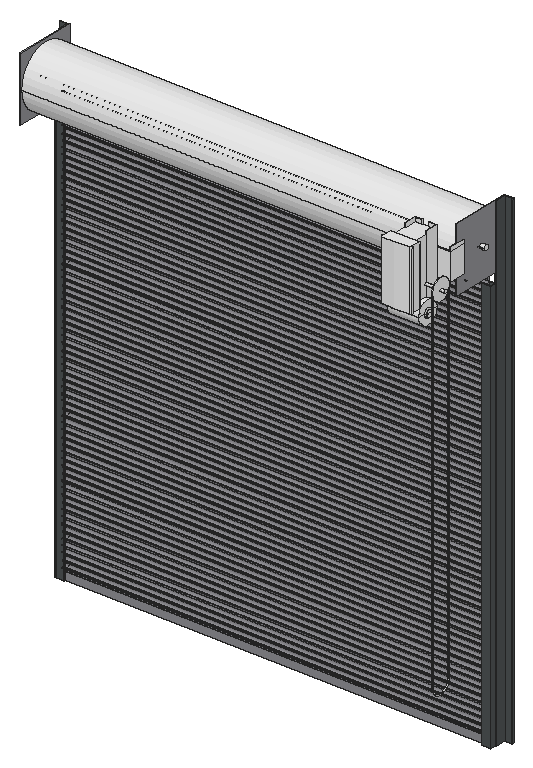
Revit family "Fire-Rated-Service-Doors_OHD_Model-630_compact", category Specialty Equipment, host Wall, Revit 2023
Family settings
  Host = Wall
  Round Connector Dimension = Use Diameter
  Part Type = Normal
  OmniClass Number = 23.30.10.21.34
  OmniClass Title = Industrial Doors
  Enable Cutting in Views = No
  Always vertical = Yes
  Cut with Voids When Loaded = Yes
  Maintain Annotation Orientation = No
  Shared = No
  Room Calculation Point = No
Parameters (values of type "115 volts, one phase, 60 Hz (110-120V range)")
  Width Count [instance] = if(or(Opening Width < 168", Opening Width = 168"), 14, if(or(Opening Width < 240", Opening Width = 240"), 20, 24))  # 14
  Warning Sign [instance] = if(Calculated Area > 683.00 SF, 1 = 1, 1 = 2)  # no
  Warning (Note) [instance] = if(Warning Sign, "The Door Area is out of the limit; please adjust accordingly. The maximum allowed area is 683 sq. ft.", if(HC Warning = 1, "Headroom Clearance Dimensions - out of the limits. Consult Factory", " "))  # " "
  Wall Thickness [instance] = 6"
  Voltage = 115 V
  Version = "1.00.01"  # constant formula
  True Opening Width [instance] = if(Between Jambs Mounting, Door Width True, Clear Width)  # 120"
  True Opening Height [instance] = if(Between Jambs Mounting, Clear Height + Headroom Height, Clear Height)  # 120"
  Slat Type [instance] = if(Slat Option < 2, "C-187", if(Slat Option = 2, "C-275", "F-265"))  # "C-187"
  Slat Option [instance] = 1
  Slat Material [instance] = Steel - Overhead Door - Gray
  Slat Length [instance] = if(Between Jambs Mounting, Clear Width + 1 13/16" * 2, Clear Width + 1 9/16" * 2 + 1/4" * 2)  # 123 5/8"
  Slat Height [instance] = if(Slat < 2, 11 9/32", if(Slat = 2, 13 3/4", 13 19/128"))  # 11 9/32"
  Slat [instance] = if(Slat Option < 2, 1, if(Slat Option = 2, 2, 3))  # 1
  Product Page URL = "https://www.overheaddoor.com/fire-rated-service-doors-630"
  Power Factor = 1
  Powder Coat (Note) = "PowderGuard® Premium powder coat finish options are available in approximately 200 colors as well as custom matching to specification. PowderGuard® Textured finish, a thicker, more scratch resistant coat, is available in 11 colors providing enhanced scratch resistance as well as aiding in hiding the dirt and blemishes that often occur in commercial environments.​"  # constant formula
  Operator Visibility = yes
  Operation (Note) [instance] = "Door could operate by manual push, crank, electrical operator or chain hoist. Manual push up and crank could be used up to 80 sf, for larger door sizes you have to use Chain Hoist operator."  # constant formula
  Opening Width Real [instance] = if(Opening Width > Max Opening Width, Max Opening Width, if(Opening Width < Min Opening Width, Min Opening Width, Opening Width))  # 120"
  Opening Width [instance] = 120"
  Opening Height Real [instance] = if(Opening Height > Max Opening Height, Max Opening Height, if(Opening Height < Min Opening Height, Min Opening Height, Opening Height))  # 120"
  Opening Height [instance] = 120"
  One Array element [instance] = not(Array Vis)  # no
  Number of Poles = 1
  Motor Type [instance] = if(Between Jambs Mounting, "RSX FDO Front of Hood", if(Motor Option < 2, "RSX FDO Front of Hood", if(Motor Option = 2, "RSX FDO Top of Hood", if(Motor Option = 3, "RSX Wall Mount", "RSX Bench Mount"))))  # "RSX FDO Front of Hood"
  Motor Selection (Note) [instance] = "Generic operator shown. Contact Overhead Door when dimensions are critical. "  # constant formula
  Motor Position [instance] = if(Between Jambs Mounting, BJ Displacement Real, 2 1/2")  # 2 1/2"
  Motor Option Real [instance] = if(Between Jambs Mounting, 1, if(Motor Option < 1, 1, if(Motor Option > 4, 4, Motor Option)))  # 1
  Motor Option [instance] = 1
  Min Opening Width [instance] = if(Between Jambs Mounting, 18" + BJ Displacement Real * 2 + 2 3/4" * 2, 18")  # 18"
  Min Opening Height [instance] = if(Between Jambs Mounting, 24" + Headroom Height, 24")  # 24"
  Max Opening Width [instance] = 494"  # constant formula
  Max Opening Height [instance] = 304"  # constant formula
  Lookup Table = "Hood Dimensions"  # constant formula
  Lookup BD [instance] = size_lookup(Lookup Table, if(Slat = 1, "A1", if(Slat = 2, "A2", "A3")), 10", Width Count, Height Count)  # 17 1/2"
  Jambs Offset [instance] = if(Between Jambs Mounting, BJ Displacement Real + 2 3/4", 0")  # 0"
  Installation Real [instance] = if(Between Jambs Mounting, Wall Thickness / 2 - Guid Depth / 2, Wall Thickness)  # 6"
  Hood Type [instance] = if(Hood Option < 2, "No Hood", if(Hood Option = 2, "Square Hood", if(Hood Option = 3, "Octagon Hood", "Round Hood")))  # "No Hood"
  Hood Option [instance] = 1
  Hood Offset [instance] = if(Chain Hoist or Manual, 1", 3")  # 3"
  Hood Material [instance] = Metal - Overhead Door - Gray
  Hood Height [instance] = if(Between Jambs Mounting, Headroom Height - Hood Offset, if(Hood Option > 1, Headroom Height - Hood Offset - 1 1/2", Headroom Height - Hood Offset))  # 18 5/8"
  Height Count [instance] = if(Slat = 1, HC 1, if(Slat = 2, HC 2, HC 3))  # 10
  Lookup HH [instance] = size_lookup(Lookup Table, if(Slat = 1, "B1", if(Slat = 2, "B2", "B3")), 10", Width Count, Height Count)  # 19 5/8"
  Headroom Height [instance] = if(Chain Hoist or Manual, Lookup HH, Lookup HH + 2")  # 21 5/8"
  HC Warning [instance] = size_lookup(Lookup Table, if(Slat = 1, "W1", if(Slat = 2, "W2", "W3")), 0, Width Count, Height Count)  # 0
  HC 3 [instance] = if(or(Opening Height < 120", Opening Height = 120"), 10, if(or(Opening Height < 168", Opening Height = 168"), 14, if(or(Opening Height < 192", Opening Height = 192"), 16, if(or(Opening Height < 216", Opening Height = 216"), 18, if(or(Opening Height < 228", Opening Height = 228"), 19, if(or(Opening Height < 252", Opening Height = 252"), 21, 24))))))  # 10
  HC 2 [instance] = if(or(Opening Height < 120", Opening Height = 120"), 10, if(or(Opening Height < 132", Opening Height = 132"), 11, if(or(Opening Height < 168", Opening Height = 168"), 14, if(or(Opening Height < 192", Opening Height = 192"), 16, if(or(Opening Height < 216", Opening Height = 216"), 18, if(or(Opening Height < 228", Opening Height = 228"), 19, if(or(Opening Height < 252", Opening Height = 252"), 21, 24)))))))  # 10
  HC 1 [instance] = if(or(Opening Height < 120", Opening Height = 120"), 10, if(or(Opening Height < 252", Opening Height = 252"), 21, 24))  # 10
  Guide Type [instance] = if(Between Jambs Mounting, "Angled Between Jambs Z Guide", "Angled Z Guide")  # "Angled Z Guide"
  Guide Option [instance] = if(Between Jambs Mounting, 1, 2)  # 2
  Guid Depth [instance] = 5"  # constant formula
  Frequency = 60 Hz
  Face of Wall Offset [instance] = if(Between Jambs Mounting, 0", 5")  # 5"
  Face Of Wall Mounting [instance] = not(Between Jambs Mounting)  # yes
  Door Width True [instance] = if(Between Jambs Mounting, Clear Width + BJ Displacement Real * 2 + 2 3/4" * 2, Clear Width + 5 3/4" * 2)  # 131 1/2"
  Door Width (Real) [instance] = if(Between Jambs Mounting, Clear Width, Clear Width + 1" / 2)  # 120 1/2"
  Door Height True [instance] = Clear Width + Headroom Height  # 141 5/8"
  Door Height (Real) [instance] = Clear Height + Hood Offset  # 123"
  URL = "https://www.overheaddoor.com/"
  Product data url = "https://www.bimobject.com/overhead-door/product/fire-rated-service-doors-630"
  Product Guid = "893640db-7c23-4269-adba-346e23f14021"
  Model = "630"  # constant formula
  Manufacturer = "Overhead Door Corporation"  # constant formula
  Wall Closure = By host
  Floor To (CL) of Shaft [instance] = Clear Height + Hood Height / 2 + Hood Offset  # 132 5/16"
  Finish Material = Finish - Overhead Door - Black
  Description = "FireKing Model 630 Rolling Fire Door"  # constant formula
  Default Elevation = 0"
  Date Updated = "2026/05/29"  # constant formula
  Clear Width [instance] = if(Between Jambs Mounting, Opening Width Real - BJ Displacement Real * 2 - 2 3/4" * 2, Opening Width Real)  # 120"
  Clear Height [instance] = if(Between Jambs Mounting, Opening Height Real - Headroom Height, Opening Height Real)  # 120"
  Chain Hoist or Manual = no
  Current = 20 A
  Connector Array Distance = 0"  # constant formula
  Connector Array = if(Chain Hoist or Manual, 2, 3)  # 3
  BimObject_Variable_Connectors = "No"  # constant formula
  Between Jambs Mounting [instance] = no
  Between Jambs Guides Offset [instance] = 3"
  Bar [instance] = if(and(Hood Option > 1, Face Of Wall Mounting), 1 = 1, 1 = 2)  # no
  Backroom Depth [instance] = Lookup BD  # 17 1/2"
  BJ Opening Cut [instance] = if(Between Jambs Mounting, Headroom Height, 0")  # 0"
  BJ Displacement Real [instance] = if(Between Jambs Mounting, if(Between Jambs Guides Offset < 3", 3", if(Between Jambs Guides Offset > 6 3/4", 6 3/4", Between Jambs Guides Offset)), 0")  # 0"
  Array Vis [instance] = if(Array < 2, 1 = 2, 1 = 1)  # yes
  Array Real [instance] = if(Array < 2, 2, Array)  # 11
  Array Length [instance] = (Array) * Slat Height  # 124 3/32"
  Array [instance] = rounddown(([Door Height (Real)]) / Slat Height) + 1  # 11
  Calculated Area [instance] = [Door Width (Real)] * [Door Height (Real)]  # 102.927 SF
  Apparent Load Phase 3 = if(Number of Poles = 1, 0 VA, (Voltage * Current * sqrt(3)) / 3)  # 0 VA
  Apparent Load Phase 2 = if(Number of Poles = 1, 0 VA, (Voltage * Current * sqrt(3)) / 3)  # 0 VA
  Apparent Load Phase 1 = if(Number of Poles = 1, Voltage * Current, (Voltage * Current * sqrt(3)) / 3)  # 2300 VA
Reference planes (in)
  plane 1 "Center (Front/Back)": y = -14.625
  plane 2 "Center (Left/Right)": x = 0
  plane 3 "Left": x = -60
  plane 4 "Right": x = 60
  plane 5 "Exterior": y = -8.625
  plane 6 "Interior": y = -14.625
  plane 7: x = 65.75
  plane 8: x = -65.75
  plane 9: z = 120
  plane 10 "Main": y = -18.98437
  plane 11 "Backroom Depth": y = -32.125
  plane 12 "Main Door Block": y = -14.625
  plane 13 "Bottom Bar": z = 2.75
  plane 14: y = -19.625
  plane 15: z = 126.84375
  plane 16: z = 141.625
  plane 17: z = 123
  plane 18: z = 143.125
  plane 19: z = 0
  plane 20: z = 60
  plane 21: y = -18.7185
  plane 22: y = 18.375
  plane 23: y = -41.625
  plane 24 "Double Main": y = -18.406
  plane 25 "Headroom Top": z = 141.625
  plane 26: z = 132.3125
  plane 27: x = 63.25
  plane 28: x = -63.25
Forms (in)
  Extrusion 1, void
    sketch origin (0, -14.625, 0) x (0, 0, -1) y (-1, 0, 0)
      loop
        line (-120, 60) -> (-120, -60) -> (0, -60) -> (0, 60) -> (-120, 60)
    from 0 to 6
  Extrusion 2, solid, material "Metal - Overhead Door - Gray" <- "Hood Material", visible <- "Bar"
    sketch origin (0, 0, 0) x (0, 1, 0) y (0, 0, 1)
      loop
        line (-14.875, 141.625) -> (-14.625, 141.625) -> (-14.625, 143.125) -> (-14.875, 143.125) -> (-14.875, 141.625)
    from -63 to 63
Lines and regions (in)
  symbolic lines, visible <- "Bar"
    curve 1: line (63, -14.625, 0) -> (-63, -14.625, 0)
    curve 2: line (-63, -14.875, 0) -> (63, -14.875, 0)
Text (in)
  text "Exterior" at (-74.96733, 27.31104, 0), in view "Ref. Level"
  text "Interior" at (-74.96733, -25.14366, 0), in view "Ref. Level"
  text "Exterior" at (0, 40.15149, 123.01588), in view "Right"
  text "Interior" at (0, -64.39139, 123.01588), in view "Right"
  text "Interior" at (0, -31.01599, 123.00693), in view "Left"
  text "Exterior" at (0, 54.57065, 123.00693), in view "Left"
Dimensions and locks (in)
  equal spacing: plane 3 "Left", plane 2 "Center (Left/Right)", plane 4 "Right"
  "Clear Width": plane 3 "Left" to plane 4 "Right"
  level to host wall = 459.59655"
  "Clear Height": level to plane 9
  plane 7 to plane 8 = 131 1/2"
  equal spacing: plane 7, plane 2 "Center (Left/Right)", plane 8
  locked: plane 13 "Bottom Bar" to level at 2.75
  "Door Width True": plane 7 to plane 8
  "Guid Depth": plane 14 to plane 12 "Main Door Block"
  locked: plane 14 to plane 10 "Main" at 0.64063
  equal spacing: group 1, group 3, group 4, group 5, group 6, group 7, group 8, group 9, group 10, group 11, group 2  (x3)
  "Array Length": plane 15 to plane 13 "Bottom Bar"
  "Backroom Depth": plane 11 "Backroom Depth" to plane 12 "Main Door Block"
  "Hood Height": plane 16 to plane 17
  locked: plane 18 to plane 16 at 1.5
  locked: Extrusion 2 sketch curve to Extrusion 2 sketch curve at 0.25
  "Installation Real": plane 1 "Center (Front/Back)" to plane 5 "Exterior"
  "Wall Thickness": host wall to host wall
  equal spacing: plane 9, plane 20, plane 19
  locked: plane 10 "Main" to plane 21 at 0.26587
  equal spacing: plane 22, host wall, plane 23
  locked: plane 22 to plane 23 at 60
  locked: plane 10 "Main" to plane 24 "Double Main" at 0.57837
  "BJ Opening Cut": Extrusion 1 sketch curve to plane 9
  locked: Extrusion 2 sketch curve to Extrusion 2 sketch curve at 1.5
  "Hood Offset": plane 17 to plane 9
  "Headroom Height": plane 25 "Headroom Top" to plane 9
  "Floor To (CL) of Shaft": plane 26 to level
  "Jambs Offset": plane 4 "Right" to Extrusion 1 sketch curve
  "Jambs Offset": Extrusion 1 sketch curve to plane 3 "Left"
  "Motor Position": plane 7 to plane 27
  "Motor Position": plane 28 to plane 8
  locked: plane 28 to Extrusion 2 at 0.25
  locked: Extrusion 2 to plane 27 at 0.25
  aligned and locked: plane 5 "Exterior" to host wall
  aligned and locked: host wall to plane 6 "Interior"
  aligned and locked: level to Extrusion 1 sketch curve
  aligned and locked: Extrusion 1 to plane 5 "Exterior"
  aligned and locked: plane 6 "Interior" to Extrusion 1
  aligned and locked: nested 1 to plane 10 "Main"
  aligned and locked: nested 2 to plane 10 "Main"
  aligned and locked: plane 13 "Bottom Bar" to nested 1
  aligned and locked: nested 3 to plane 2 "Center (Left/Right)"
  aligned and locked: plane 16 to nested 4
  aligned and locked: nested 3 to level
  aligned and locked: Extrusion 2 sketch curve to plane 18
  aligned and locked: plane 6 "Interior" to Extrusion 2 sketch curve
  aligned and locked: curve 1 to Extrusion 2  (x2)
  aligned and locked: curve 2 to Extrusion 2  (x2)
  aligned and locked: Extrusion 2 to curve 2
  aligned and locked: plane 12 "Main Door Block" to plane 1 "Center (Front/Back)"
  aligned and locked: plane 5 "Exterior" to nested 4
  aligned and locked: level to plane 19
  aligned and locked: plane 15 to nested 2
  aligned and locked: nested 3 to plane 1 "Center (Front/Back)"
  aligned and locked: plane 2 "Center (Left/Right)" to nested 5
  aligned and locked: nested 5 to plane 22
  aligned and locked: plane 23 to nested 6
  aligned and locked: nested 6 to plane 2 "Center (Left/Right)"
  aligned and locked: nested 7 to plane 20
  aligned and locked: plane 2 "Center (Left/Right)" to nested 7
  aligned and locked: nested 7 to plane 10 "Main"
  aligned and locked: plane 13 "Bottom Bar" to nested 8
  aligned and locked: plane 2 "Center (Left/Right)" to nested 8
  aligned and locked: nested 8 to plane 10 "Main"
  aligned and locked: nested 4 to plane 27
  aligned and locked: plane 2 "Center (Left/Right)" to nested 1
  aligned and locked: plane 2 "Center (Left/Right)" to nested 9
Automatic sketch dimensions
  curve 1 to curve 2 = 0"
Nested families (in)
  nested 1: "Slat" at (0, -18.98437, 2.75), visible <- "Array Vis", type "Slat"
  nested 2: "Slat" at (0, -18.98437, 115.56375), visible <- "Array Vis", type "Slat"
  nested 3: "Lifts" at (0, -14.625, 0), type "Frame Unit"
    with Square Hood no, Round Hood no, Octagon Hood no, No Hood yes, Hood Offset 3", Hood Height 18 5/8", Half Hood Height 18 5/8", Floor To (CL) of Shaft 132 5/16"
  nested 4: "Motor" at (56.3705, -39.705, 121.2425), visible <- "Operator Visibility", type "Trolley Motor"
  nested 5: "Label Annotation 1" at (0, 18.375, 0), visible <- "Warning Sign", type "Label Annotation 1"
  nested 6: "Label Annotation 1" at (0, -41.625, 0) x (-1, 0, 0) z (0, 0, 1), visible <- "Warning Sign", type "Label Annotation 1"
  nested 7: "Warning Sign" at (0, -18.98437, 60), visible <- "Warning Sign", type "Warning Sign"
    with Warning Sign no
  nested 8: "Slat" at (0, -18.98437, 2.75), visible <- "One Array element", type "Slat"
  nested 9: "Slat" at (0, -18.98437, 14.03137), visible <- "Array Vis", type "Slat"
  nested 10: "Slat" at (0, -18.98437, 25.31275), visible <- "Array Vis", type "Slat"
  nested 11: "Slat" at (0, -18.98437, 36.59412), visible <- "Array Vis", type "Slat"
  nested 12: "Slat" at (0, -18.98437, 47.8755), visible <- "Array Vis", type "Slat"
  nested 13: "Slat" at (0, -18.98437, 59.15687), visible <- "Array Vis", type "Slat"
  nested 14: "Slat" at (0, -18.98437, 70.43825), visible <- "Array Vis", type "Slat"
  nested 15: "Slat" at (0, -18.98437, 81.71963), visible <- "Array Vis", type "Slat"
  nested 16: "Slat" at (0, -18.98437, 93.001), visible <- "Array Vis", type "Slat"
  nested 17: "Slat" at (0, -18.98437, 104.28238), visible <- "Array Vis", type "Slat"
Connectors (in)
  electrical at (59.3585, -38.31077, 131.8123), driven by "Apparent Load Phase 1", driven by "Number of Poles", driven by "Power Factor", driven by "Voltage", driven by "Apparent Load Phase 2", driven by "Apparent Load Phase 3"
    settings: on nested 4, index 1, voltage 115 V, apparent load 0 VA, apparent load phase1 2300 VA, apparent load phase2 0 VA, apparent load phase3 0 VA, power factor 1, load classification "Other", number of poles 1, system type 31, power factor state 1, is connector primary yes, connector utility no, sub classification motor no, connector description "Electrical Connector"
Definition of nested family "Slat"
  Parameters (values of type "Slat")
    Slat Width = if(Slat Option < 2, 0.53", if(Slat Option = 2, 0.88", 0.63"))  # 0.53"
    Slat Position = if(Slat Option < 2, 1.88" * 6, if(Slat Option = 2, 2 3/4" * 5, 2.63" * 5))  # 11.28"
    Slat Option = 1
    Panel Material = none
    Opening Width = 123 5/8"
    F 265 = if(Slat Option > 2, 1 = 1, 1 = 2)  # no
    Default Elevation = 48"
    C 275 = if(Slat Option = 2, 1 = 1, 1 = 2)  # no
    C 187 = if(Slat Option < 2, 1 = 1, 1 = 2)  # yes
  Reference planes (in)
    plane 1 "Center (Front/Back)": y = 0
    plane 2: z = 0
    plane 3 "Center (Left/Right)": x = 0
    plane 4: x = -61.8125
    plane 5: x = 61.8125
    plane 6: y = 0.53
    plane 7: y = 0
    plane 8: z = 0
    plane 9: z = 11.28
    plane 10: y = 0.265
  Forms (in)
    Extrusion 1, solid, material <- "Panel Material", visible <- "C 187"
      sketch origin (0, -4.98186, 11.28) x (0, 1, 0) y (0, 0, 1)
        loop
          arc (5.13374, -0.19852) -> (5.22413, 0.04375) -> (4.98186, -0.04664) r 0.14213
          arc (4.98186, -0.04664) -> (5.00563, -0.16042) -> (5.08572, -0.24466) r 0.21243
          arc (5.08572, -0.24466) -> (5.4383, -0.89756) -> (5.02595, -1.51447) r 0.71901
          arc (5.02595, -1.51447) -> (4.97908, -1.58828) -> (5.02595, -1.6621) r 0.08156
          arc (5.02595, -1.6621) -> (5.11263, -1.7164) -> (5.18387, -1.78979) r 0.42621
          arc (5.18387, -1.78979) -> (4.98591, -1.90085) -> (5.06579, -2.11331) r 0.17419
          arc (5.06579, -2.11331) -> (5.43875, -2.76611) -> (5.02595, -3.39447) r 0.71901
          arc (5.02595, -3.39447) -> (4.97908, -3.46828) -> (5.02595, -3.5421) r 0.08156
          arc (5.02595, -3.5421) -> (5.11263, -3.5964) -> (5.18387, -3.66979) r 0.42621
          arc (5.18387, -3.66979) -> (4.98591, -3.78085) -> (5.06579, -3.99331) r 0.17419
          arc (5.06579, -3.99331) -> (5.43875, -4.64611) -> (5.02595, -5.27447) r 0.71901
          arc (5.02595, -5.27447) -> (4.97908, -5.34828) -> (5.02595, -5.4221) r 0.08156
          arc (5.02595, -5.4221) -> (5.11263, -5.4764) -> (5.18387, -5.54979) r 0.42621
          arc (5.18387, -5.54979) -> (4.98591, -5.66085) -> (5.06579, -5.87331) r 0.17419
          arc (5.06579, -5.87331) -> (5.43875, -6.52611) -> (5.02595, -7.15447) r 0.71901
          arc (5.02595, -7.15447) -> (4.97908, -7.22828) -> (5.02595, -7.3021) r 0.08156
          arc (5.02595, -7.3021) -> (5.11263, -7.3564) -> (5.18387, -7.42979) r 0.42621
          arc (5.18387, -7.42979) -> (4.98591, -7.54085) -> (5.06579, -7.75331) r 0.17419
          arc (5.06579, -7.75331) -> (5.43875, -8.40611) -> (5.02595, -9.03447) r 0.71901
          arc (5.02595, -9.03447) -> (4.97908, -9.10828) -> (5.02595, -9.1821) r 0.08156
          arc (5.02595, -9.1821) -> (5.11263, -9.2364) -> (5.18387, -9.30979) r 0.42621
          arc (5.18387, -9.30979) -> (4.98591, -9.42085) -> (5.06579, -9.63331) r 0.17419
          arc (5.06579, -9.63331) -> (5.43875, -10.28611) -> (5.02595, -10.91447) r 0.71901
          arc (5.02595, -10.91447) -> (4.97908, -10.98828) -> (5.02595, -11.0621) r 0.08156
          arc (5.02595, -11.0621) -> (5.11263, -11.1164) -> (5.18387, -11.18979) r 0.42621
          arc (5.18387, -11.18979) -> (4.98464, -11.27401) -> (5.11521, -11.44645) r 0.13704
          arc (5.11521, -11.44645) -> (5.2675, -11.35269) -> (5.24767, -11.17496) r 0.167
          arc (5.24767, -11.17496) -> (5.15003, -11.06824) -> (5.03941, -10.97505) r 1.11641
          arc (5.03941, -10.97505) -> (5.51106, -10.31587) -> (5.13374, -9.59852) r 0.77203
          arc (5.13374, -9.59852) -> (5.27713, -9.47917) -> (5.24767, -9.29496) r 0.18851
          arc (5.24767, -9.29496) -> (5.15003, -9.18824) -> (5.03941, -9.09505) r 1.11641
          arc (5.03941, -9.09505) -> (5.51106, -8.43587) -> (5.13374, -7.71852) r 0.77203
          arc (5.13374, -7.71852) -> (5.27713, -7.59917) -> (5.24767, -7.41496) r 0.18851
          arc (5.24767, -7.41496) -> (5.15003, -7.30824) -> (5.03941, -7.21505) r 1.11641
          arc (5.03941, -7.21505) -> (5.51106, -6.55587) -> (5.13374, -5.83852) r 0.77203
          arc (5.13374, -5.83852) -> (5.27713, -5.71917) -> (5.24767, -5.53496) r 0.18851
          arc (5.24767, -5.53496) -> (5.15003, -5.42824) -> (5.03941, -5.33505) r 1.11641
          arc (5.03941, -5.33505) -> (5.51106, -4.67587) -> (5.13374, -3.95852) r 0.77203
          arc (5.13374, -3.95852) -> (5.27713, -3.83917) -> (5.24767, -3.65496) r 0.18851
          arc (5.24767, -3.65496) -> (5.15003, -3.54824) -> (5.03941, -3.45505) r 1.11641
          arc (5.03941, -3.45505) -> (5.51106, -2.79587) -> (5.13374, -2.07852) r 0.77203
          arc (5.13374, -2.07852) -> (5.27713, -1.95917) -> (5.24767, -1.77496) r 0.18851
          arc (5.24767, -1.77496) -> (5.15003, -1.66824) -> (5.03941, -1.57505) r 1.11641
          arc (5.03941, -1.57505) -> (5.51106, -0.91587) -> (5.13374, -0.19852) r 0.77203
      from -61.8125 to 61.8125
    Extrusion 2, solid, material <- "Panel Material", visible <- "F 265"
      sketch origin (0, -4.98186, 11.28) x (0, 1, 0) y (0, 0, 1)
        loop
          arc (5.02225, -13.3083) -> (5.02946, -13.359) -> (5.06714, -13.39369) r 0.07621
          line (5.06714, -13.39369) -> (5.50213, -13.53037)
          arc (5.50213, -13.53037) -> (5.5795, -13.52023) -> (5.61555, -13.45101) r 0.08448
          line (5.61555, -13.45101) -> (5.61555, -11.01166)
          arc (5.61555, -11.01166) -> (5.59226, -10.95542) -> (5.53602, -10.93213) r 0.07953
          line (5.53602, -10.93213) -> (5.07146, -10.90651)
          arc (5.07146, -10.90651) -> (5.05162, -10.89829) -> (5.0434, -10.87845) r 0.02806
          line (5.0434, -10.87845) -> (5.06714, -10.76816) -> (5.50213, -10.90484)
          arc (5.50213, -10.90484) -> (5.5795, -10.8947) -> (5.61555, -10.82548) r 0.08448
          line (5.61555, -10.82548) -> (5.61555, -8.38613)
          arc (5.61555, -8.38613) -> (5.59226, -8.32989) -> (5.53602, -8.3066) r 0.07953
          line (5.53602, -8.3066) -> (5.07145, -8.28099)
          arc (5.07145, -8.28099) -> (5.05162, -8.27278) -> (5.0434, -8.25295) r 0.02804
          line (5.0434, -8.25295) -> (5.06682, -8.14253) -> (5.50213, -8.27931)
          arc (5.50213, -8.27931) -> (5.5795, -8.26916) -> (5.61555, -8.19995) r 0.08448
          line (5.61555, -8.19995) -> (5.61555, -5.7606)
          arc (5.61555, -5.7606) -> (5.59226, -5.70436) -> (5.53602, -5.68106) r 0.07953
          line (5.53602, -5.68106) -> (5.07146, -5.65544)
          arc (5.07146, -5.65544) -> (5.05162, -5.64722) -> (5.0434, -5.62738) r 0.02806
          line (5.0434, -5.62738) -> (5.06714, -5.51709) -> (5.50213, -5.65378)
          arc (5.50213, -5.65378) -> (5.5795, -5.64363) -> (5.61555, -5.57441) r 0.08448
          line (5.61555, -5.57441) -> (5.61555, -3.13506)
          arc (5.61555, -3.13506) -> (5.59226, -3.07882) -> (5.53602, -3.05553) r 0.07953
          line (5.53602, -3.05553) -> (5.07145, -3.02992)
          arc (5.07145, -3.02992) -> (5.05162, -3.02171) -> (5.0434, -3.00188) r 0.02804
          line (5.0434, -3.00188) -> (5.06682, -2.89146) -> (5.50213, -3.02824)
          arc (5.50213, -3.02824) -> (5.5795, -3.0181) -> (5.61555, -2.94888) r 0.08448
          line (5.61555, -2.94888) -> (5.61555, -0.50953)
          arc (5.61555, -0.50953) -> (5.59226, -0.45329) -> (5.53602, -0.43) r 0.07953
          line (5.53602, -0.43) -> (5.07094, -0.40562)
          arc (5.07094, -0.40562) -> (5.05177, -0.39768) -> (5.04383, -0.37851) r 0.02711
          line (5.04383, -0.37851) -> (5.09718, -0.11725)
          arc (5.09718, -0.11725) -> (5.4945, 0.04334) -> (5.06596, 0.04602) r 0.21842
          line (5.06596, 0.04602) -> (4.98186, -0.36586)
          arc (4.98186, -0.36586) -> (4.99921, -0.43741) -> (5.06536, -0.46972) r 0.08656
          line (5.06536, -0.46972) -> (5.51922, -0.48958)
          arc (5.51922, -0.48958) -> (5.54224, -0.4991) -> (5.55178, -0.52211) r 0.03256
          line (5.55178, -0.52211) -> (5.55375, -2.9399)
          arc (5.55375, -2.9399) -> (5.54189, -2.96619) -> (5.51328, -2.96983) r 0.02952
          line (5.51328, -2.96983) -> (5.0787, -2.83327) -> (5.09726, -2.74238)
          arc (5.09726, -2.74238) -> (5.49489, -2.58243) -> (5.06631, -2.57951) r 0.21842
          line (5.06631, -2.57951) -> (4.98186, -2.99139)
          arc (4.98186, -2.99139) -> (4.99921, -3.06294) -> (5.06536, -3.09526) r 0.08656
          line (5.06536, -3.09526) -> (5.51922, -3.11511)
          arc (5.51922, -3.11511) -> (5.54224, -3.12464) -> (5.55178, -3.14764) r 0.03256
          line (5.55178, -3.14764) -> (5.55375, -5.56543)
          arc (5.55375, -5.56543) -> (5.54189, -5.59173) -> (5.51328, -5.59536) r 0.02952
          line (5.51328, -5.59536) -> (5.07902, -5.45891) -> (5.09752, -5.36831)
          arc (5.09752, -5.36831) -> (5.49485, -5.20773) -> (5.06631, -5.20505) r 0.21842
          line (5.06631, -5.20505) -> (4.98186, -5.61692)
          arc (4.98186, -5.61692) -> (4.99921, -5.68847) -> (5.06536, -5.72079) r 0.08656
          line (5.06536, -5.72079) -> (5.51922, -5.74064)
          arc (5.51922, -5.74064) -> (5.54224, -5.75017) -> (5.55178, -5.77318) r 0.03256
          line (5.55178, -5.77318) -> (5.55375, -8.19096)
          arc (5.55375, -8.19096) -> (5.54189, -8.21726) -> (5.51328, -8.22089) r 0.02952
          line (5.51328, -8.22089) -> (5.0787, -8.08434) -> (5.09726, -7.99345)
          arc (5.09726, -7.99345) -> (5.49489, -7.83349) -> (5.06631, -7.83058) r 0.21842
          line (5.06631, -7.83058) -> (4.98186, -8.24245)
          arc (4.98186, -8.24245) -> (4.99921, -8.31401) -> (5.06536, -8.34632) r 0.08656
          line (5.06536, -8.34632) -> (5.51922, -8.36618)
          arc (5.51922, -8.36618) -> (5.54224, -8.3757) -> (5.55178, -8.39871) r 0.03256
          line (5.55178, -8.39871) -> (5.55375, -10.8165)
          arc (5.55375, -10.8165) -> (5.54189, -10.84279) -> (5.51328, -10.84643) r 0.02952
          line (5.51328, -10.84643) -> (5.07902, -10.70997) -> (5.09752, -10.61938)
          arc (5.09752, -10.61938) -> (5.49485, -10.45879) -> (5.06631, -10.45611) r 0.21842
          line (5.06631, -10.45611) -> (4.98186, -10.86799)
          arc (4.98186, -10.86799) -> (4.99921, -10.93954) -> (5.06536, -10.97185) r 0.08656
          line (5.06536, -10.97185) -> (5.51922, -10.99171)
          arc (5.51922, -10.99171) -> (5.54224, -11.00124) -> (5.55178, -11.02424) r 0.03256
          line (5.55178, -11.02424) -> (5.55375, -13.44203)
          arc (5.55375, -13.44203) -> (5.54189, -13.46832) -> (5.51328, -13.47196) r 0.02952
          line (5.51328, -13.47196) -> (5.0787, -13.3354) -> (5.09726, -13.24451)
          arc (5.09726, -13.24451) -> (5.49489, -13.08456) -> (5.06631, -13.08164) r 0.21842
          line (5.06631, -13.08164) -> (5.01978, -13.30779)
      from -61.8125 to 61.8125
    Extrusion 3, solid, material <- "Panel Material", visible <- "C 275"
      sketch origin (0, -4.98186, 11.28) x (0, 1, 0) y (0, 0, 1)
        loop
          line (5.41686, -0.22417) -> (5.41686, 0)
          arc (5.41686, 0) -> (5.05386, 0.17026) -> (5.15503, -0.21771) r 0.22143
          arc (5.15503, -0.21771) -> (5.50356, -0.34009) -> (5.79849, -0.56251) r 1.20236
          line (5.79849, -0.56251) -> (5.79849, -1.75298)
          arc (5.79849, -1.75298) -> (5.49161, -2.09311) -> (5.07676, -2.28744) r 1.15681
          arc (5.07676, -2.28744) -> (4.97768, -2.42727) -> (5.10235, -2.54485) r 0.13061
          arc (5.10235, -2.54485) -> (4.97574, -2.77341) -> (5.15503, -2.96347) r 0.22143
          arc (5.15503, -2.96347) -> (5.50356, -3.08586) -> (5.79849, -3.30827) r 1.20236
          line (5.79849, -3.30827) -> (5.79849, -4.49874)
          arc (5.79849, -4.49874) -> (5.49161, -4.83887) -> (5.07676, -5.03321) r 1.15681
          arc (5.07676, -5.03321) -> (4.97829, -5.17815) -> (5.11266, -5.29063) r 0.13061
          arc (5.11266, -5.29063) -> (4.97511, -5.51807) -> (5.15503, -5.71371) r 0.22143
          arc (5.15503, -5.71371) -> (5.50356, -5.8361) -> (5.79849, -6.05851) r 1.20236
          line (5.79849, -6.05851) -> (5.79849, -7.24898)
          arc (5.79849, -7.24898) -> (5.49161, -7.58911) -> (5.07676, -7.78344) r 1.15681
          arc (5.07676, -7.78344) -> (4.97768, -7.92327) -> (5.10235, -8.04085) r 0.13061
          arc (5.10235, -8.04085) -> (4.97574, -8.26941) -> (5.15503, -8.45948) r 0.22143
          arc (5.15503, -8.45948) -> (5.50356, -8.58186) -> (5.79849, -8.80427) r 1.20236
          line (5.79849, -8.80427) -> (5.79849, -9.99475)
          arc (5.79849, -9.99475) -> (5.49161, -10.33487) -> (5.07676, -10.52921) r 1.15681
          arc (5.07676, -10.52921) -> (4.97829, -10.67415) -> (5.11266, -10.78663) r 0.13061
          arc (5.11266, -10.78663) -> (4.97511, -11.01407) -> (5.15503, -11.20971) r 0.22143
          arc (5.15503, -11.20971) -> (5.50356, -11.3321) -> (5.79849, -11.55451) r 1.20236
          line (5.79849, -11.55451) -> (5.79849, -12.74498)
          arc (5.79849, -12.74498) -> (5.49161, -13.08511) -> (5.07676, -13.27945) r 1.15681
          arc (5.07676, -13.27945) -> (4.97768, -13.41927) -> (5.10235, -13.53685) r 0.13061
          arc (5.10235, -13.53685) -> (5.21569, -13.95826) -> (5.25036, -13.52326) r 0.22143
          line (5.25036, -13.52326) -> (5.07719, -13.43535)
          arc (5.07719, -13.43535) -> (5.0486, -13.38199) -> (5.08882, -13.33673) r 0.0529
          arc (5.08882, -13.33673) -> (5.53303, -13.12837) -> (5.85849, -12.7612) r 1.21407
          line (5.85849, -12.7612) -> (5.85849, -11.53168)
          arc (5.85849, -11.53168) -> (5.65615, -11.34806) -> (5.41686, -11.21617) r 1.17443
          line (5.41686, -11.21617) -> (5.41686, -10.992)
          arc (5.41686, -10.992) -> (5.38383, -10.87566) -> (5.29461, -10.79403) r 0.22143
          line (5.29461, -10.79403) -> (5.07719, -10.68511)
          arc (5.07719, -10.68511) -> (5.0486, -10.63175) -> (5.08882, -10.58649) r 0.0529
          arc (5.08882, -10.58649) -> (5.53303, -10.37813) -> (5.85849, -10.01096) r 1.21407
          line (5.85849, -10.01096) -> (5.85849, -8.78144)
          arc (5.85849, -8.78144) -> (5.65615, -8.59783) -> (5.41686, -8.46594) r 1.17443
          line (5.41686, -8.46594) -> (5.41686, -8.24176)
          arc (5.41686, -8.24176) -> (5.37035, -8.10599) -> (5.25036, -8.02726) r 0.22143
          line (5.25036, -8.02726) -> (5.07719, -7.93935)
          arc (5.07719, -7.93935) -> (5.0486, -7.88599) -> (5.08882, -7.84073) r 0.0529
          arc (5.08882, -7.84073) -> (5.53303, -7.63236) -> (5.85849, -7.26519) r 1.21407
          line (5.85849, -7.26519) -> (5.85849, -6.03568)
          arc (5.85849, -6.03568) -> (5.65615, -5.85206) -> (5.41686, -5.72017) r 1.17443
          line (5.41686, -5.72017) -> (5.41686, -5.496)
          arc (5.41686, -5.496) -> (5.39015, -5.39058) -> (5.31648, -5.31059) r 0.22143
          line (5.31648, -5.31059) -> (5.07719, -5.18911)
          arc (5.07719, -5.18911) -> (5.0486, -5.13575) -> (5.08882, -5.09049) r 0.0529
          arc (5.08882, -5.09049) -> (5.53303, -4.88213) -> (5.85849, -4.51496) r 1.21407
          line (5.85849, -4.51496) -> (5.85849, -3.28544)
          arc (5.85849, -3.28544) -> (5.65615, -3.10183) -> (5.41686, -2.96993) r 1.17443
          line (5.41686, -2.96993) -> (5.41686, -2.74576)
          arc (5.41686, -2.74576) -> (5.37035, -2.60999) -> (5.25036, -2.53126) r 0.22143
          line (5.25036, -2.53126) -> (5.07719, -2.44335)
          arc (5.07719, -2.44335) -> (5.0486, -2.38998) -> (5.08882, -2.34473) r 0.0529
          arc (5.08882, -2.34473) -> (5.53303, -2.13636) -> (5.85849, -1.76919) r 1.21407
          line (5.85849, -1.76919) -> (5.85849, -0.53968)
          arc (5.85849, -0.53968) -> (5.65615, -0.35606) -> (5.41686, -0.22417) r 1.17443
      from -61.8125 to 61.8125
  Lines and regions (in)
    reference lines
      curve 1: line (0, -4.98186, 11.28) -> (0, 9.9877, 11.28)
  Dimensions and locks (in)
    equal spacing: plane 4, plane 3 "Center (Left/Right)", plane 5
    "Opening Width": plane 4 to plane 5
    "Slat Width": plane 1 "Center (Front/Back)" to plane 6
    "Slat Position": plane 9 to level
    equal spacing: plane 1 "Center (Front/Back)", plane 10, plane 6
    aligned and locked: plane 2 to level
    aligned and locked: plane 1 "Center (Front/Back)" to plane 7
    aligned and locked: level to plane 8
    aligned and locked: plane 5 to Extrusion 1
    aligned and locked: plane 4 to Extrusion 1
    aligned and locked: plane 5 to Extrusion 2
    aligned and locked: plane 4 to Extrusion 2
    aligned and locked: plane 5 to Extrusion 3
    aligned and locked: plane 4 to Extrusion 3
    aligned and locked: curve 1 to plane 9
  Automatic sketch dimensions
    plane 1 "Center (Front/Back)" to curve 1 = 4.98186"
    curve 1 to plane 6 = 9.4577"
    curve 1 to Extrusion 1 sketch curve = 4.37692"
    Extrusion 1 sketch curve to Extrusion 1 sketch curve = 0"  (x25)
    Extrusion 1 sketch curve to Extrusion 1 sketch curve = 0.34316"  (x6)
    Extrusion 1 sketch curve to Extrusion 1 sketch curve = 0.02075"  (x6)
    Extrusion 1 sketch curve to Extrusion 1 sketch curve = 0.46772"  (x6)
    Extrusion 1 sketch curve to Extrusion 1 sketch curve = 0.21601"  (x6)
    Extrusion 1 sketch curve to Extrusion 1 sketch curve = 0.25599"  (x5)
    Extrusion 1 sketch curve to Extrusion 1 sketch curve = 0.0004"
    curve 1 to Extrusion 1 sketch curve = 0.05675"
    Extrusion 1 sketch curve to Extrusion 1 sketch curve = 49/128"
    Extrusion 1 sketch curve to Extrusion 1 sketch curve = 0.04891"  (x5)
    Extrusion 1 sketch curve to Extrusion 1 sketch curve = 0.07012"
    curve 1 to Extrusion 1 sketch curve = 0.06175"
    curve 1 to Extrusion 1 sketch curve = 0.86309"
    Extrusion 1 sketch curve to Extrusion 1 sketch curve = 0.00067"  (x6)
    Extrusion 1 sketch curve to Extrusion 1 sketch curve = 0.72519"  (x6)
    Extrusion 1 sketch curve to Extrusion 1 sketch curve = 0.30465"  (x5)
    Extrusion 1 sketch curve to Extrusion 1 sketch curve = 0.06764"  (x5)
    Extrusion 1 sketch curve to Extrusion 1 sketch curve = 0.15488"  (x5)
    Extrusion 1 sketch curve to Extrusion 1 sketch curve = 0.42583"  (x6)
    Extrusion 1 sketch curve to Extrusion 1 sketch curve = 0.26945"  (x5)
    Extrusion 1 sketch curve to Extrusion 1 sketch curve = 0.02995"
    curve 1 to Extrusion 1 sketch curve = 0.04664"
    Extrusion 1 sketch curve to Extrusion 1 sketch curve = 0.0347"  (x8)
    Extrusion 1 sketch curve to Extrusion 1 sketch curve = 0.02124"  (x6)
    Extrusion 1 sketch curve to Extrusion 1 sketch curve = 0.00181"
    Extrusion 1 sketch curve to Extrusion 1 sketch curve = 0.04801"
    Extrusion 1 sketch curve to Extrusion 1 sketch curve = 0.06794"  (x5)
    Extrusion 1 sketch curve to Extrusion 1 sketch curve = 0.0638"  (x3)
    Extrusion 3 sketch curve to Extrusion 3 sketch curve = 0"  (x17)
    curve 1 to Extrusion 3 sketch curve = 0"
    curve 1 to Extrusion 3 sketch curve = 4.80317"
    Extrusion 3 sketch curve to Extrusion 3 sketch curve = 0.0028"  (x5)
    Extrusion 3 sketch curve to Extrusion 3 sketch curve = 0.12969"  (x5)
    Extrusion 3 sketch curve to Extrusion 3 sketch curve = 0.03778"  (x5)
    Extrusion 3 sketch curve to Extrusion 3 sketch curve = 0.14152"  (x5)
    curve 1 to Extrusion 3 sketch curve = 2.44335"
    Extrusion 3 sketch curve to Extrusion 3 sketch curve = 0.02395"  (x5)
    Extrusion 3 sketch curve to Extrusion 3 sketch curve = 0.00651"  (x5)
    Extrusion 3 sketch curve to Extrusion 3 sketch curve = 0.11824"  (x5)
    Extrusion 3 sketch curve to Extrusion 3 sketch curve = 0.38946"
    Extrusion 3 sketch curve to Extrusion 3 sketch curve = 0.14271"  (x3)
    curve 1 to Extrusion 3 sketch curve = 2 17/32"
    Extrusion 3 sketch curve to Extrusion 3 sketch curve = 0.09917"
    Extrusion 3 sketch curve to Extrusion 3 sketch curve = 0.12104"
    Extrusion 3 sketch curve to Extrusion 3 sketch curve = 0.22143"  (x5)
    Extrusion 3 sketch curve to Extrusion 3 sketch curve = 0.38163"  (x4)
    Extrusion 3 sketch curve to Extrusion 3 sketch curve = 0.86282"
    Extrusion 3 sketch curve to Extrusion 3 sketch curve = 0.06"  (x5)
    Extrusion 3 sketch curve to Extrusion 3 sketch curve = 0.22417"  (x4)
    Extrusion 3 sketch curve to Extrusion 3 sketch curve = 0.31551"  (x4)
    Extrusion 3 sketch curve to Extrusion 3 sketch curve = 0.02283"  (x5)
    Extrusion 3 sketch curve to Extrusion 3 sketch curve = 0.14822"  (x4)
    Extrusion 3 sketch curve to Extrusion 3 sketch curve = 0.00061"  (x5)
    Extrusion 3 sketch curve to Extrusion 3 sketch curve = 0.08821"  (x5)
    Extrusion 3 sketch curve to Extrusion 3 sketch curve = 0.35309"  (x5)
    Extrusion 3 sketch curve to Extrusion 3 sketch curve = 0.01621"  (x5)
    Extrusion 3 sketch curve to Extrusion 3 sketch curve = 0.6432"  (x3)
    Extrusion 3 sketch curve to Extrusion 3 sketch curve = 0.01817"  (x5)
    Extrusion 3 sketch curve to Extrusion 3 sketch curve = 0.029"  (x4)
    Extrusion 3 sketch curve to Extrusion 3 sketch curve = 0.13791"
    Extrusion 3 sketch curve to Extrusion 3 sketch curve = 0.21451"
    Extrusion 3 sketch curve to Extrusion 3 sketch curve = 0.76206"
    Extrusion 3 sketch curve to Extrusion 3 sketch curve = 0.14761"
    curve 1 to Extrusion 3 sketch curve = 9/16"
    Extrusion 3 sketch curve to Extrusion 3 sketch curve = 0.02516"  (x3)
    Extrusion 3 sketch curve to Extrusion 3 sketch curve = 0.03547"  (x2)
    curve 1 to Extrusion 2 sketch curve = 4.98186"  (x2)
    curve 1 to Extrusion 2 sketch curve = 0.36586"
    Extrusion 2 sketch curve to Extrusion 2 sketch curve = 0"  (x4)
    curve 1 to Extrusion 2 sketch curve = 2.99139"
    Extrusion 2 sketch curve to Extrusion 2 sketch curve = 0.06154"  (x4)
    curve 1 to Extrusion 2 sketch curve = 0.37851"
    Extrusion 2 sketch curve to Extrusion 2 sketch curve = 0.06197"
    Extrusion 2 sketch curve to Extrusion 2 sketch curve = 0.02196"  (x4)
    curve 1 to Extrusion 2 sketch curve = 0.46972"
    Extrusion 2 sketch curve to Extrusion 2 sketch curve = 0.02153"
    curve 1 to Extrusion 2 sketch curve = 3.09526"
    Extrusion 2 sketch curve to curve 1 = 0.04602"
    Extrusion 2 sketch curve to Extrusion 2 sketch curve = 0.0841"
    Extrusion 2 sketch curve to Extrusion 2 sketch curve = 0.02327"  (x4)
    Extrusion 2 sketch curve to Extrusion 2 sketch curve = 3/128"  (x2)
    Extrusion 2 sketch curve to Extrusion 2 sketch curve = 0.02374"  (x2)
    curve 1 to Extrusion 2 sketch curve = 0.40562"
    Extrusion 2 sketch curve to Extrusion 2 sketch curve = 0.00478"  (x2)
    Extrusion 2 sketch curve to Extrusion 2 sketch curve = 0.00479"  (x2)
    Extrusion 2 sketch curve to Extrusion 2 sketch curve = 0.01188"  (x4)
    curve 1 to Extrusion 2 sketch curve = 0.11725"
    Extrusion 2 sketch curve to Extrusion 2 sketch curve = 0.03122"
    Extrusion 2 sketch curve to Extrusion 2 sketch curve = 0.01856"  (x3)
    Extrusion 2 sketch curve to Extrusion 2 sketch curve = 0.0319"
    Extrusion 2 sketch curve to Extrusion 2 sketch curve = 0.0185"  (x2)
    Extrusion 2 sketch curve to curve 1 = 0.00232"
    Extrusion 2 sketch curve to Extrusion 2 sketch curve = 0.18305"  (x3)
    Extrusion 2 sketch curve to Extrusion 2 sketch curve = 0.18279"  (x2)
    Extrusion 2 sketch curve to Extrusion 2 sketch curve = 0.43067"
    Extrusion 2 sketch curve to Extrusion 2 sketch curve = 0.43068"  (x2)
    Extrusion 2 sketch curve to Extrusion 2 sketch curve = 0.01115"  (x5)
    Extrusion 2 sketch curve to Extrusion 2 sketch curve = 0.0171"  (x4)
    curve 1 to Extrusion 2 sketch curve = 0.48958"
    Extrusion 2 sketch curve to Extrusion 2 sketch curve = 0.45386"
    Extrusion 2 sketch curve to Extrusion 2 sketch curve = 0.01106"  (x5)
    Extrusion 2 sketch curve to Extrusion 2 sketch curve = 0.00673"  (x5)
    Extrusion 2 sketch curve to Extrusion 2 sketch curve = 0.03389"  (x2)
    curve 1 to Extrusion 2 sketch curve = 0.43"
    Extrusion 2 sketch curve to Extrusion 2 sketch curve = 0.0168"  (x3)
    Extrusion 2 sketch curve to Extrusion 2 sketch curve = 0.01577"  (x5)
    curve 1 to Extrusion 2 sketch curve = 0.52211"
    Extrusion 2 sketch curve to Extrusion 2 sketch curve = 0.02268"  (x4)
    Extrusion 2 sketch curve to Extrusion 2 sketch curve = 0.0618"  (x2)
    Extrusion 2 sketch curve to Extrusion 2 sketch curve = 0.06377"  (x3)
    Extrusion 2 sketch curve to Extrusion 2 sketch curve = 0.02978"
    Extrusion 2 sketch curve to Extrusion 2 sketch curve = 0.40521"
    Extrusion 2 sketch curve to Extrusion 2 sketch curve = 0.01985"
    Extrusion 2 sketch curve to Extrusion 2 sketch curve = 0.01995"  (x4)
    Extrusion 2 sketch curve to Extrusion 2 sketch curve = 0.01258"  (x4)
    Extrusion 2 sketch curve to Extrusion 2 sketch curve = 2.10108"  (x4)
    Extrusion 2 sketch curve to Extrusion 2 sketch curve = 0.11957"  (x2)
    Extrusion 2 sketch curve to Extrusion 2 sketch curve = 0.09059"  (x2)
    Extrusion 2 sketch curve to Extrusion 2 sketch curve = 0.05819"  (x4)
    Extrusion 2 sketch curve to Extrusion 2 sketch curve = 0.31669"  (x3)
    Extrusion 2 sketch curve to Extrusion 2 sketch curve = 0.00256"  (x3)
    Extrusion 2 sketch curve to Extrusion 2 sketch curve = 0.00898"  (x4)
    Extrusion 2 sketch curve to Extrusion 2 sketch curve = 0.09983"  (x2)
    Extrusion 2 sketch curve to Extrusion 2 sketch curve = 0.01046"  (x2)
    Extrusion 2 sketch curve to Extrusion 2 sketch curve = 0.00686"  (x2)
    Extrusion 2 sketch curve to Extrusion 2 sketch curve = 0.02729"  (x4)
    Extrusion 2 sketch curve to Extrusion 2 sketch curve = 0.11917"  (x3)
    Extrusion 2 sketch curve to Extrusion 2 sketch curve = 0.09089"  (x3)
    Extrusion 2 sketch curve to Extrusion 2 sketch curve = 0.09993"
    Extrusion 2 sketch curve to Extrusion 2 sketch curve = 0.01049"
    Extrusion 2 sketch curve to Extrusion 2 sketch curve = 0.00683"
    Extrusion 2 sketch curve to Extrusion 2 sketch curve = 0.07015"
    Extrusion 2 sketch curve to Extrusion 2 sketch curve = 0.12104"
    Extrusion 2 sketch curve to Extrusion 2 sketch curve = 0.00642"  (x2)
    Extrusion 2 sketch curve to Extrusion 2 sketch curve = 0.02095"  (x2)
    Extrusion 2 sketch curve to Extrusion 2 sketch curve = 0.05841"
    Extrusion 2 sketch curve to Extrusion 2 sketch curve = 0.02122"
    Extrusion 2 sketch curve to Extrusion 2 sketch curve = 0.11042"
    Extrusion 2 sketch curve to Extrusion 2 sketch curve = 0.07748"
    Extrusion 2 sketch curve to Extrusion 2 sketch curve = 0.03156"  (x2)
    curve 1 to Extrusion 2 sketch curve = 2.57951"
    Extrusion 2 sketch curve to Extrusion 2 sketch curve = 0.0313"  (x2)
    Extrusion 2 sketch curve to Extrusion 2 sketch curve = 0.00034"  (x5)
    Extrusion 2 sketch curve to Extrusion 2 sketch curve = 0.07467"
    Extrusion 2 sketch curve to Extrusion 2 sketch curve = 0.01822"
    Extrusion 2 sketch curve to Extrusion 2 sketch curve = 0.02761"
    Extrusion 2 sketch curve to Extrusion 2 sketch curve = 0.01186"
    Extrusion 1 sketch curve to Extrusion 1 sketch curve = 0.06645"
    Extrusion 1 sketch curve to Extrusion 1 sketch curve = 0.09107"
Definition of nested family "Lifts"
  Parameters (values of type "Frame Unit")
    True Width = if(Between Jambs, Opening Width, Opening Width + 1/2")  # 120 1/2"
    Square Hood [instance] = if(Hood Option = 2, 1 = 1, 1 = 2)  # no
    Round Hood [instance] = if(Hood Option > 3, 1 = 1, 1 = 2)  # no
    Rough Width = 0"
    Rough Height = 0"
    Octagon Hood [instance] = if(Hood Option = 3, 1 = 1, 1 = 2)  # no
    No Hood [instance] = if(Hood Option < 2, 1 = 1, 1 = 2)  # yes
    Hood Type = if(Hood Option < 2, "No Hood", if(Hood Option = 2, "Square Hood", if(Hood Option = 3, "Octagon Hood", "Round Hood")))  # "No Hood"
    Hood Option = 1
    Hood Offset = 3 1/2"
    Hood Height = Headroom Height Real - Hood Offset  # 18 1/8"
    Headroom Height Real = if(Between Jambs, Headroom Height, if(Hood Option > 1, Headroom Height - 1 1/2", Headroom Height))  # 21 5/8"
    Half Octagon Side = (Radius Hood * 2 * tan(180.00° / 8)) / 2  # 3.62437"
    Half Hood Height = Headroom Height - Hood Offset  # 18 1/8"
    E Guide Width = if(Between Jambs, Guide Offset - Z Guide Offset + BJ Connection Length - BJ Displacement * 2 / 3, 3 3/8")  # 3 3/8"
    E Guide Height = 3 7/16"
    Z Guide = 1 = 1  # yes
    Slat Material = none
    Shaft Offset = if(Hood Height < Header Width, (Header Width - (Header Width - Hood Height)) / 2, Header Width / 2)  # 8 3/4"
    Shaft Material = none
    Shaft Length 2 = 4 3/4"  # constant formula
    Shaft Length 1 = 4 3/4"  # constant formula
    Setback = if(Between Jambs, 0", 1/4")  # 1/4"
    Radius Hood = Shaft Offset  # 8 3/4"
    Opening Width = 120"
    Hood Material = none
    Headroom Height = 21 5/8"
    Header Width = 17 1/2"
    Opening Height = 120"
    Guide Type = if(Between Jambs, "Angled Between Jambs Z Guide", "Angled Z Guide")  # "Angled Z Guide"
    Guide Option = if(Between Jambs, 1, 2)  # 2
    Guide Offset = BJ Displacement + Z Guide Offset  # 3"
    Guide Z Wide = if(Between Jambs, Guide Offset - Z Guide Offset + BJ Connection Length - BJ Displacement * 2 / 3, 2 1/2")  # 2 1/2"
    Guide Z Height = 3.438"  # constant formula
    Floor To (CL) of Shaft = 132 9/16"
    Finish Material = none
    Face to Wall Mount = not(Between Jambs)  # yes
    Z Guide Offset = if(Between Jambs, 2 3/4", 3")  # 3"
    E Guide = if(Between Jambs, 1 = 1, 1 = 2)  # no
    Between Jambs = no
    BJ Position = if(and(Between Jambs, Guide Option < 2), 1/4", 0")  # 0"
    BJ Displacement = 0"
    BJ Connection Length = 1 / 3 * BJ Displacement  # 0"
    Angled Guide = 1 = 1  # yes
    Analytic Construction = "<None>"
  Reference planes (in)
    plane 1 "Center (Front/Back)": y = 0
    plane 2: z = 0
    plane 3 "Center (Left/Right)": x = 0
    plane 4 "Opening Height": z = 120
    plane 5: x = -65
    plane 6: x = 65
    plane 7: z = 141.625
    plane 8: y = 17.5
    plane 9 "Real Opening 2": x = -60.25
    plane 10 "Real Opening 1": x = 60.25
    plane 11: z = 123.5
    plane 12 "Main": y = 0
    plane 13: z = 132.5625
    plane 14: y = 8.75
    plane 15: x = 63.25
    plane 16: x = -63.25
    plane 17: x = -63.25
    plane 18: x = 63.25
    plane 19: y = 5
    plane 20: x = -63
    plane 21: x = 63
    plane 22: y = 8.75
    plane 23: z = 143.125
  Forms (in)
    Extrusion 1, solid, material <- "Slat Material"
      sketch origin (0, 0, 0) x (0, 1, 0) y (0, 0, 1)
        loop
          line (4.406, 2.375) -> (4.406, 2.75) -> (3.781, 2.75) -> (3.781, 2.375) -> (4.406, 2.375)
      from -63 to 63
    Extrusion 2, solid, material <- "Slat Material"
      sketch origin (0, 0, 0) x (0, 1, 0) y (0, 0, 1)
        loop
          line (4.406, 2.375) -> (3.781, 2.375) -> (3.781, 0) -> (4.406, 0) -> (4.406, 2.375)
      from -63 to 63
    Extrusion 3, solid, material <- "Shaft Material"
      sketch origin (0, -5.35201, 0) x (0, 1, 0) y (0, 0, 1)
        loop
          circle (14.10201, 132.5625) r 0.6
      from -65 to 65
    Extrusion 4, solid, material <- "Hood Material", visible <- "Square Hood"
      sketch origin (0, 0, 0) x (0, 1, 0) y (0, 0, 1)
        loop
          line (0, 123.5) -> (17.5, 123.5) -> (17.5, 141.625) -> (0, 141.625) -> (0, 123.5)
      from -63 to 63
    Extrusion 5, solid, material <- "Hood Material", visible <- "Round Hood"
      sketch origin (0, 0, 0) x (0, 1, 0) y (0, 0, 1)
        loop
          line (0, 141.625) -> (0, 123.5) -> (8.75, 123.5)
          arc (8.75, 123.5) -> (17.8125, 132.5625) -> (8.75, 141.625) r 9.0625
          line (8.75, 141.625) -> (0, 141.625)
      from -63 to 63
    Extrusion 6, solid, material <- "Finish Material", visible <- "E Guide"
      sketch origin (0, 0, 0) x (1, 0, 0) y (0, 1, 0)
        loop
          line (59.875, 0) -> (63.25, 0) -> (63.25, 3.4375) -> (63.1875, 3.4375)
          arc (63.1875, 3.4375) -> (63.05492, 3.38258) -> (63, 3.25) r 0.1875
          line (63, 3.25) -> (63, 0.25) -> (60.0625, 0.25)
          arc (60.0625, 0.25) -> (59.92992, 0.19508) -> (59.875, 0.0625) r 0.1875
          line (59.875, 0.0625) -> (59.875, 0)
        loop
          line (-59.875, 0) -> (-59.875, 0.0625)
          arc (-59.875, 0.0625) -> (-59.92992, 0.19508) -> (-60.0625, 0.25) r 0.1875
          line (-60.0625, 0.25) -> (-63, 0.25) -> (-63, 3.25)
          arc (-63, 3.25) -> (-63.05492, 3.38258) -> (-63.1875, 3.4375) r 0.1875
          line (-63.1875, 3.4375) -> (-63.25, 3.4375) -> (-63.25, 0) -> (-59.875, 0)
      from 0 to 141.625
    Extrusion 7, solid, material <- "Finish Material", visible <- "Z Guide"
      sketch origin (0, 0, 0) x (1, 0, 0) y (0, 1, 0)
        loop
          line (65.75, 0) -> (65.75, 0.062)
          arc (65.75, 0.062) -> (65.69494, 0.19494) -> (65.562, 0.25) r 0.188
          line (65.562, 0.25) -> (63.5, 0.25) -> (63.5, 3.25)
          arc (63.5, 3.25) -> (63.44494, 3.38294) -> (63.312, 3.438) r 0.188
          line (63.312, 3.438) -> (63.25, 3.438) -> (63.25, 0) -> (65.75, 0)
        loop
          line (-65.75, 0) -> (-63.25, 0) -> (-63.25, 3.438) -> (-63.312, 3.438)
          arc (-63.312, 3.438) -> (-63.44494, 3.38294) -> (-63.5, 3.25) r 0.188
          line (-63.5, 3.25) -> (-63.5, 0.25) -> (-65.562, 0.25)
          arc (-65.562, 0.25) -> (-65.69494, 0.19494) -> (-65.75, 0.062) r 0.188
          line (-65.75, 0.062) -> (-65.75, 0)
      from 0 to 141.625
    Extrusion 8, solid, material <- "Finish Material", visible <- "Angled Guide"
      sketch origin (0, 0, 0) x (1, 0, 0) y (0, 1, 0)
        loop
          line (60.5, 5) -> (60.5, 4.937)
          arc (60.5, 4.937) -> (60.55477, 4.80477) -> (60.687, 4.75) r 0.187
          line (60.687, 4.75) -> (63, 4.75) -> (63, 3.4375) -> (60.5, 3.4375) -> (60.5, 3.3745)
          arc (60.5, 3.3745) -> (60.55477, 3.24227) -> (60.687, 3.1875) r 0.187
          line (60.687, 3.1875) -> (62.75, 3.1875) -> (62.75, 1) -> (63, 1) -> (63, 0.6875) -> (63.25, 0.6875) -> (63.25, 5) -> (60.5, 5)
        loop
          line (-60.5, 5) -> (-63.25, 5) -> (-63.25, 0.6875) -> (-63, 0.6875) -> (-63, 1) -> (-62.75, 1) -> (-62.75, 3.1875) -> (-60.687, 3.1875)
          arc (-60.687, 3.1875) -> (-60.55477, 3.24227) -> (-60.5, 3.3745) r 0.187
          line (-60.5, 3.3745) -> (-60.5, 3.4375) -> (-63, 3.4375) -> (-63, 4.75) -> (-60.687, 4.75)
          arc (-60.687, 4.75) -> (-60.55477, 4.80477) -> (-60.5, 4.937) r 0.187
          line (-60.5, 4.937) -> (-60.5, 5)
      from 0 to 120
    Extrusion 9, solid, material <- "Hood Material"
      sketch origin (0, 0, 0) x (-1, 0, 0) y (0, 0, 1)
        loop
          line (63, 123.5) -> (63.25, 123.5) -> (63.25, 141.625) -> (63, 141.625) -> (63, 123.5)
        loop
          line (-63.25, 123.5) -> (-63, 123.5) -> (-63, 141.625) -> (-63.25, 141.625) -> (-63.25, 123.5)
      from 0 to 17.5
    Extrusion 10, solid, material <- "Shaft Material", visible <- "No Hood"
      sketch origin (0, 0, 0) x (0, 1, 0) y (0, 0, 1)
        loop
          circle (8.75, 132.5625) r 8.75
      from -63 to 63
    Extrusion 11, solid, material <- "Hood Material", visible <- "Octagon Hood"
      sketch origin (0, 0, 0) x (0, 1, 0) y (0, 0, 1)
        loop
          line (0, 141.625) -> (0, 123.5) -> (12.37437, 123.5) -> (17.5, 128.93813) -> (17.5, 136.18687) -> (12.37437, 141.625) -> (0, 141.625)
      from -63 to 63
  Lines and regions (in)
    Masking region 1
      outline origin (0, 0, 0) x (1, 0, 0) y (0, 1, 0)
        loop
          line (65, 9.35) -> (63.25, 9.35) -> (63.25, 8.15) -> (65, 8.15) -> (65, 9.35)
        loop
          line (-65, 8.15) -> (-63.25, 8.15) -> (-63.25, 9.35) -> (-65, 9.35) -> (-65, 8.15)
    Masking region 2
      outline origin (0, 0, 0) x (1, 0, 0) y (0, 1, 0)
        loop
          line (-63.25, 17.5) -> (-63.25, 0) -> (63.25, 0) -> (63.25, 17.5) -> (-63.25, 17.5)
    Masking region 3, visible <- "Z Guide"
      outline origin (0, 0, 0) x (1, 0, 0) y (0, 1, 0)
        loop
          line (65.562, 0.25) -> (63.5, 0.25) -> (63.5, 3.25)
          arc (63.5, 3.25) -> (63.44494, 3.38294) -> (63.312, 3.438) r 0.188
          line (63.312, 3.438) -> (63.25, 3.438) -> (63.25, 0) -> (65.75, 0) -> (65.75, 0.062)
          arc (65.75, 0.062) -> (65.69494, 0.19494) -> (65.562, 0.25) r 0.188
        loop
          line (-63.5, 0.25) -> (-65.562, 0.25)
          arc (-65.562, 0.25) -> (-65.69494, 0.19494) -> (-65.75, 0.062) r 0.188
          line (-65.75, 0.062) -> (-65.75, 0) -> (-63.25, 0) -> (-63.25, 3.438) -> (-63.312, 3.438)
          arc (-63.312, 3.438) -> (-63.44494, 3.38294) -> (-63.5, 3.25) r 0.188
          line (-63.5, 3.25) -> (-63.5, 0.25)
    Masking region 4, visible <- "E Guide"
      outline origin (0, 0, 0) x (1, 0, 0) y (0, 1, 0)
        loop
          line (-63.25, 3.4375) -> (-63.25, 0) -> (-59.875, 0) -> (-59.875, 0.0625)
          arc (-59.875, 0.0625) -> (-59.92992, 0.19508) -> (-60.0625, 0.25) r 0.1875
          line (-60.0625, 0.25) -> (-63, 0.25) -> (-63, 3.25)
          arc (-63, 3.25) -> (-63.05492, 3.38258) -> (-63.1875, 3.4375) r 0.1875
          line (-63.1875, 3.4375) -> (-63.25, 3.4375)
        loop
          line (63.25, 0) -> (63.25, 3.4375) -> (63.1875, 3.4375)
          arc (63.1875, 3.4375) -> (63.05492, 3.38258) -> (63, 3.25) r 0.1875
          line (63, 3.25) -> (63, 0.25) -> (60.0625, 0.25)
          arc (60.0625, 0.25) -> (59.92992, 0.19508) -> (59.875, 0.0625) r 0.1875
          line (59.875, 0.0625) -> (59.875, 0) -> (63.25, 0)
    symbolic lines
      curve 1: line (-63, 0, 0) -> (-63, 17.5, 0)
      curve 2: line (63, 17.5, 0) -> (63, 0, 0)
    symbolic lines, visible <- "Octagon Hood"
      curve 3: line (-63, 12.37437, 0) -> (63, 12.37437, 0)
  Dimensions and locks (in)
    Extrusion 1 sketch curve to level = 2 3/8"
    locked: Extrusion 1 sketch curve to Extrusion 1 sketch curve at 0.625
    locked: Extrusion 2 sketch curve to level at 2.375
    "Headroom Height Real": plane 7 to plane 4 "Opening Height"
    plane 8 to plane 1 "Center (Front/Back)" = 17 1/2"
    "Radius Hood": Extrusion 5 sketch curve to plane 8
    "Opening Height": plane 4 "Opening Height" to level
    "Hood Offset": plane 11 to plane 4 "Opening Height"
    "BJ Position": plane 12 "Main" to plane 1 "Center (Front/Back)"
    "Header Width": plane 12 "Main" to plane 8
    "Floor To (CL) of Shaft": plane 13 to level
    "Shaft Offset": Extrusion 3 sketch curve to plane 8
    locked: Extrusion 2 sketch curve to Extrusion 2 sketch curve at 0.625
    "Shaft Offset": plane 8 to plane 14
    locked: Masking region 1 sketch curve to Masking region 1 sketch curve at 1.2
    locked: Masking region 1 sketch curve to plane 14 at 0.6
    "Guide Offset": plane 10 "Real Opening 1" to plane 15
    "Guide Offset": plane 16 to plane 9 "Real Opening 2"
    locked: Extrusion 6 sketch curve to Extrusion 6 sketch curve at 0.25  (x4)
    "E Guide Height": Extrusion 6 sketch curve to Extrusion 6 sketch curve  (x2)
    "E Guide Width": Extrusion 6 sketch curve to Extrusion 6 sketch curve  (x2)
    locked: Extrusion 7 sketch curve to Extrusion 7 sketch curve at 0.25  (x4)
    "Guide Z Wide": Extrusion 7 sketch curve to Extrusion 7 sketch curve  (x2)
    "Guide Z Height": Extrusion 7 sketch curve to Extrusion 7 sketch curve  (x2)
    locked: Extrusion 8 sketch curve to Extrusion 8 sketch curve at 0.25  (x8)
    locked: Extrusion 8 sketch curve to Extrusion 8 sketch curve at 1.8125  (x2)
    locked: plane 19 to plane 12 "Main" at 5
    locked: Extrusion 8 sketch curve to Extrusion 8 sketch curve at 4.3125  (x2)
    locked: Extrusion 8 sketch curve to Extrusion 8 sketch curve at 0.3125  (x2)
    locked: Extrusion 8 sketch curve to Extrusion 8 sketch curve at 2.75  (x2)
    "Setback": plane 10 "Real Opening 1" to Extrusion 8 sketch curve
    "Setback": Extrusion 8 sketch curve to plane 9 "Real Opening 2"
    equal spacing: plane 16, plane 3 "Center (Left/Right)", plane 15
    "Z Guide Offset": Extrusion 7 sketch curve to plane 9 "Real Opening 2"
    "Z Guide Offset": plane 10 "Real Opening 1" to Extrusion 7 sketch curve
    "Z Guide Offset": plane 10 "Real Opening 1" to plane 18
    "Z Guide Offset": plane 17 to plane 9 "Real Opening 2"
    "Shaft Length 1": plane 5 to plane 9 "Real Opening 2"
    "Shaft Length 2": plane 6 to plane 10 "Real Opening 1"
    locked: Extrusion 2 sketch curve to plane 12 "Main" at 3.781
    locked: Extrusion 1 sketch curve to plane 12 "Main" at 3.781
    locked: Extrusion 2 to plane 18 at 0.25
    locked: Extrusion 2 to plane 17 at 0.25
    locked: plane 17 to plane 20 at 0.25
    locked: plane 21 to plane 18 at 0.25
    "Shaft Offset": Extrusion 10 sketch curve to plane 8
